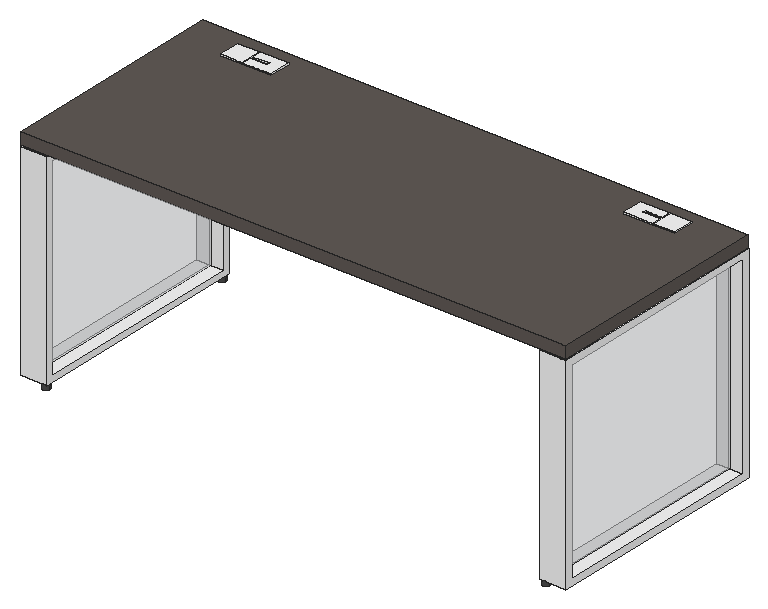
Revit family "Workstations-Multi_Level-Teknion-B_MDWF_Table_Desk_With_End_Panels_Frame_Legs-R2019", category Furniture, Revit 2019
Family settings
  OmniClass Number = 23.40.20.00
  OmniClass Title = General Furniture and Specialties
  Work Plane-Based = No
  Always vertical = Yes
  Cut with Voids When Loaded = No
  Shared = Yes
  Room Calculation Point = No
Parameters (values of type "1-9/16" Worksurface Thickness, Glass Infill")
  Worksurface Finish [instance] = Source Laminate - Teknion - DA - Espresso
  Width [instance] = 72.000"
  Warranty = "http://www.teknion.com/ca/papers/legal-canada"
  Unit Weight URL = "http://www.teknion.com/ca/tools/assets#&asset=bee6a381-b954-425e-8283-5a2de3a804f2,f828d448-4b62-4231-9e5f-9a8991c0ed77"
  URL = "www.teknion.com"
  Thickness = 1.555"
  Sustainability Data = "http://www.teknion.com/ca/tools/assets#&topic=216f99a5-57a0-44fc-b10a-9dee9b29ae4c&asset=444deb64-fe58-4b68-981e-f75e97781df7"
  Suspended Modesty Panel Options [instance] = "Select one of the options below."  # constant formula
  Suspended Modesty Panel Height Options [instance] = "Select one of the options below."  # constant formula
  Suspended Modesty Panel - Solid Finish [instance] = Veneer-Teknion-5T-Flintwood-White_Truffle (Long Grain)
  Suspended Modesty Panel - Solid [instance] = no
  Suspended Modesty Panel - Metal Finish [instance] = Paint-Teknion-20-T-Foundation-Atrium White
  Suspended Modesty Panel - Metal [instance] = no
  Suspended Modesty Panel - Glass Hardware Finish [instance] = Paint - Teknion - Mica - Very White
  Suspended Modesty Panel - Glass Finish [instance] = Glass - Teknion - FT - Frosted Glass
  Suspended Modesty Panel - Glass [instance] = no
  Suspended Modesty Panel - Felt Finish [instance] = Fabric-Teknion-RB13-Carrera
  Suspended Modesty Panel - Felt [instance] = no
  Solid Infill Finish [instance] = Source Laminate - Teknion - DA - Espresso
  Solid Infill = no
  Series = "Expansion Casegoods"  # constant formula
  Product Page URL = "http://www.teknion.com/ca/products/product-details?productlineid=0053336e-8e7a-673b-a6c8-ff00004460c4"
  Product Line = "Expansion Casegoods"  # constant formula
  Product Documentation Link #5 = "https://www.teknion.com/pricing/expansion-casegoods/pdfs/BASME_ppg.pdf"
  Product Documentation Link #4 = "https://www.teknion.com/pricing/expansion-casegoods/pdfs/BASMM_ppg.pdf"
  Product Documentation Link #3 = "https://www.teknion.com/pricing/expansion-casegoods/pdfs/BASMG_ppg.pdf"
  Product Documentation Link #2 = "https://www.teknion.com/pricing/expansion-casegoods/pdfs/BASML_ppg.pdf"
  Product Documentation Link = "https://www.teknion.com/pricing/expansion-casegoods/pdfs/B_MDWF_ppg.pdf"
  Part Number = "B_MDWF"  # constant formula
  Panel Height [instance] = if([6" Height Suspended Modesty Panel], 6.636", 10.009")  # 6.636"
  No Grommet Option [instance] = not([Has Both Ends - Rectangular])  # no
  Has Both Ends - Rectangular [instance] = yes
  Glass Infill Finish [instance] = Glass - Teknion - FT - Frosted Glass
  Glass Infill = not(Solid Infill)  # yes
  Base Finish [instance] = Mica - Teknion - V - Satin - Very White
  Available Widths [instance] = if(Thickness = 1.016", "54, 60, 66, or 72 inches.", "54, 60, 66, 72, 78, 84, or 90 inches.")  # "54, 60, 66, 72, 78, 84, or 90 inches."
  Available Grommet Options [instance] = "Select one of the options below."  # constant formula
  Available Depths [instance] = if(Thickness = 1.016", "24 or 30 inches.", "24, 30, or 36 inches.")  # "24, 30, or 36 inches."
  Model = "BXMDWFG_____"
  Manufacturer Phone = "416-661-3370"  # constant formula
  Manufacturer Fax = "416.661.4586"  # constant formula
  Manufacturer Contact Information = "http://www.teknion.com/ca/contactus"
  Manufacturer Address = "1150 Flint Road, Toronto, ON. M3J 2J5. Canada"  # constant formula
  Manufacturer = "Teknion"  # constant formula
  Has Modesty Panel [instance] = yes
  Grommet Finish [instance] = Mica - Teknion - V - Satin - Very White
  Description = "Table Desk with End Panels - Frame Legs, 1-9/16\" Worksurface Thickness, Glass Infill"
  Depth [instance] = 30.000"
  Assembly Code = "E2020200"
  6" Height Suspended Modesty Panel [instance] = yes
  10" Height Suspended Modesty Panel [instance] = not([6" Height Suspended Modesty Panel])  # no
Types (6): name | Thickness | Solid Infill | Glass Infill | Available Widths | Available Depths | Model | Description
  1-3/16" Worksurface Thickness, Solid Infill | 1.18898" | yes | no | "54, 60, 66, 72, 78, 84, or 90 inches." | "24, 30, or 36 inches." | "BMMDWFL_____" | "Table Desk with End Panels - Frame Legs, 1-3/16\" Worksurface Thickness, Solid Infill"
  1" Worksurface Thickness, Solid Infill | 1.016" | yes | no | "54, 60, 66, or 72 inches." | "24 or 30 inches." | "BDMDWFL_____" | "Table Desk with End Panels - Frame Legs, 1\" Worksurface Thickness, Solid Infill"
  1-9/16" Worksurface Thickness, Solid Infill | 1.555" | yes | no | "54, 60, 66, 72, 78, 84, or 90 inches." | "24, 30, or 36 inches." | "BXMDWFL_____" | "Table Desk with End Panels - Frame Legs, 1-9/16\" Worksurface Thickness, Solid Infill"
  1" Worksurface Thickness, Glass Infill | 1.016" | no | yes | "54, 60, 66, or 72 inches." | "24 or 30 inches." | "BDMDWFG_____" | "Table Desk with End Panels - Frame Legs, 1\" Worksurface Thickness, Glass Infill"
  1-3/16" Worksurface Thickness, Glass Infill | 1.18898" | no | yes | "54, 60, 66, 72, 78, 84, or 90 inches." | "24, 30, or 36 inches." | "BMMDWFG_____" | "Table Desk with End Panels - Frame Legs, 1-3/16\" Worksurface Thickness, Glass Infill"
  1-9/16" Worksurface Thickness, Glass Infill | 1.555" | no | yes | "54, 60, 66, 72, 78, 84, or 90 inches." | "24, 30, or 36 inches." | "BXMDWFG_____" | "Table Desk with End Panels - Frame Legs, 1-9/16\" Worksurface Thickness, Glass Infill"
Reference planes (in)
  plane 1 "Center Front/Back": y = 0
  plane 2: z = 0
  plane 3 "Center Left/Right": x = 0
  plane 4 "Left": x = -36
  plane 5 "Right": x = 36
  plane 6 "Back": y = 15
  plane 7 "Front": y = -15
  plane 8 "Top": z = 27.80709
  plane 9: z = 29.36209
  plane 10: z = 27.61959
  plane 11: z = 0.60236
  plane 12: x = -32.59449
  plane 13: x = -35.8622
  plane 14: x = -32.45669
  plane 15: x = 32.59449
  plane 16: x = 35.86221
  plane 17: x = 32.45669
  plane 18: x = -30
  plane 19: z = 26.61811
  plane 20: z = 29.51957
  plane 21 "Center L/S": y = 8.49213
  plane 22: x = 30
  plane 23: z = 21.17109
Forms (in)
  Extrusion 1, solid, material "Source Laminate - Teknion - DA - Espresso" <- "Worksurface Finish"
    sketch origin (-51, -180, 27.80709) x (-1, 0, 0) y (0, -1, 0)
      loop
        line (-15, -195) -> (-15, -165) -> (-87, -165) -> (-87, -195) -> (-15, -195)
    from 0 to 1.555
  Extrusion 2, solid, material "Mica - Teknion - V - Satin - Very White" <- "Base Finish"
    sketch origin (-36, 0, 0) x (0, -1, 0) y (0, 0, -1)
      loop
        line (14.8622, -27.80709) -> (14.8622, -27.61959) -> (7.81496, -27.61959) -> (7.81496, -27.80709) -> (14.8622, -27.80709)
    from 0.1378 to 3.40551
  Extrusion 3, solid, material "Mica - Teknion - V - Satin - Very White" <- "Base Finish"
    sketch origin (-36, 0, 0) x (0, 1, 0) y (0, 0, 1)
      loop
        line (14.8622, 27.80709) -> (7.81496, 27.80709) -> (7.81496, 27.61959) -> (14.8622, 27.61959) -> (14.8622, 27.80709)
    from 0.1378 to 3.40551
  Extrusion 4, solid, material "Mica - Teknion - V - Satin - Very White" <- "Base Finish"
    sketch origin (-36, 0, 0) x (0, 1, 0) y (0, 0, 1)
      loop
        line (15, 0.60236) -> (15, 27.61959) -> (-15, 27.61959) -> (-15, 0.60236) -> (15, 0.60236)
      loop
        line (14.17323, 26.79281) -> (-14.17323, 26.79281) -> (-14.17323, 1.42913) -> (14.17323, 1.42913) -> (14.17323, 26.79281)
    from 0 to 3.54331
  Extrusion 5, solid, material "Mica - Teknion - V - Satin - Very White" <- "Base Finish"
    sketch origin (27, 0, 0) x (0, -1, 0) y (0, 0, 1)
      loop
        line (14.8622, 27.80709) -> (7.81496, 27.80709) -> (7.81496, 27.61959) -> (14.8622, 27.61959) -> (14.8622, 27.80709)
    from -8.86221 to -5.59449
  Extrusion 6, solid, material "Mica - Teknion - V - Satin - Very White" <- "Base Finish"
    sketch origin (27, 0, 0) x (0, 1, 0) y (0, 0, -1)
      loop
        line (14.8622, -27.80709) -> (14.8622, -27.61959) -> (7.81496, -27.61959) -> (7.81496, -27.80709) -> (14.8622, -27.80709)
    from -8.86221 to -5.59449
  Extrusion 7, solid, material "Mica - Teknion - V - Satin - Very White" <- "Base Finish"
    sketch origin (27, 0, 0) x (0, 1, 0) y (0, 0, -1)
      loop
        line (15, -0.60236) -> (-15, -0.60236) -> (-15, -27.61959) -> (15, -27.61959) -> (15, -0.60236)
      loop
        line (14.17323, -26.79281) -> (14.17323, -1.42913) -> (-14.17323, -1.42913) -> (-14.17323, -26.79281) -> (14.17323, -26.79281)
    from -9 to -5.45669
  Extrusion 8, solid, material "Plastic - Teknion - E - Ebony"
    sketch origin (0, 0, 0) x (1, 0, 0) y (0, 1, 0)
      loop
        circle (-32.9685, 14.50787) r 0.5
    from 0 to 0.60236
  Extrusion 9, solid, material "Plastic - Teknion - E - Ebony"
    sketch origin (0, 0, 0) x (-1, 0, 0) y (0, -1, 0)
      loop
        circle (-32.96851, -14.50787) r 0.5
    from 0 to 0.60236
  Extrusion 10, solid, material "Plastic - Teknion - E - Ebony"
    sketch origin (0, 0, 0) x (1, 0, 0) y (0, 1, 0)
      loop
        circle (-32.9685, -14.50787) r 0.5
    from 0 to 0.60236
  Extrusion 11, solid, material "Plastic - Teknion - E - Ebony"
    sketch origin (0, 0, 0) x (-1, 0, 0) y (0, -1, 0)
      loop
        circle (-32.96851, 14.50787) r 0.5
    from 0 to 0.60236
  Extrusion 12, solid, material "Mica - Teknion - V - Satin - Very White" <- "Grommet Finish", visible <- "Has Both Ends - Rectangular"
    sketch origin (-26.88189, -180, 29.36209) x (-1, 0, 0) y (0, -1, 0)
      loop
        line (3.03582, -190.42836) -> (0.18859, -190.42836) -> (0.18859, -193.27243) -> (3.03582, -193.27243) -> (3.03582, -190.42836)
    from 0 to 0.15748
  Extrusion 13, solid, material "Mica - Teknion - V - Satin - Very White" <- "Grommet Finish", visible <- "Has Both Ends - Rectangular"
    sketch origin (-26.88189, -180, 29.36209) x (-1, 0, 0) y (0, -1, 0)
      loop
        line (0.18859, -190.42836) -> (-3.6185, -190.42836) -> (-3.6185, -193.27243) -> (0.18859, -193.27243) -> (0.18859, -192.06307) -> (-2.09101, -192.06307) -> (-2.09101, -191.63772) -> (0.18859, -191.63772) -> (0.18859, -190.42836)
    from 0 to 0.15748
  Extrusion 14, solid, material "Mica - Teknion - V - Satin - Very White" <- "Grommet Finish", visible <- "Has Both Ends - Rectangular"
    sketch origin (-26.88189, -180, 29.36209) x (-1, 0, 0) y (0, -1, 0)
      loop
        line (-56.7996, -190.42836) -> (-56.7996, -193.27243) -> (-53.95237, -193.27243) -> (-53.95237, -190.42836) -> (-56.7996, -190.42836)
    from 0 to 0.15748
  Extrusion 15, solid, material "Mica - Teknion - V - Satin - Very White" <- "Grommet Finish", visible <- "Has Both Ends - Rectangular"
    sketch origin (-26.88189, -180, 29.36209) x (-1, 0, 0) y (0, -1, 0)
      loop
        line (-53.95237, -190.42836) -> (-53.95237, -191.63772) -> (-51.67277, -191.63772) -> (-51.67277, -192.06307) -> (-53.95237, -192.06307) -> (-53.95237, -193.27243) -> (-50.14528, -193.27243) -> (-50.14528, -190.42836) -> (-53.95237, -190.42836)
    from 0 to 0.15748
  Sweep 16, solid, material "Veneer-Teknion-5T-Flintwood-White_Truffle (Long Grain)" <- "Suspended Modesty Panel - Solid Finish", visible <- "Suspended Modesty Panel - Solid"
    path origin (25.03893, 25.28208, -0.36198) x (1, 0, 0) y (0, 1, 0)
      loop
        line (-55.03893, -33.24036) -> (4.96107, -33.24036)
    profile origin (0, -7.95829, -0.36198) x (0, 1, 0) y (0, 0, 1)
      loop
        line (16.95829, 28.16906) -> (15.94254, 28.16906) -> (15.94254, 21.53306) -> (16.95829, 21.53306) -> (16.95829, 28.16906)
  Sweep 17, solid, material "Paint - Teknion - Foundation - Ebony", visible <- "Suspended Modesty Panel - Felt"
    path origin (-10.59873, -14.57779, -0.36198) x (-1, 0, 0) y (0, -1, 0)
      loop
        line (-40.59873, -6.6205) -> (19.40127, -6.6205)
    profile origin (0, -7.95729, -0.36198) x (0, -1, 0) y (0, 0, 1)
      loop
        line (-16.68269, 21.53306) -> (-16.63545, 21.53306) -> (-16.63545, 28.12153) -> (-16.09214, 28.12153) -> (-16.09214, 27.53885) -> (-16.0449, 27.53885) -> (-16.0449, 28.16877) -> (-16.68269, 28.16877) -> (-16.68269, 21.53306)
  Sweep 18, solid, material "Fabric-Teknion-RB13-Carrera" <- "Suspended Modesty Panel - Felt Finish", visible <- "Suspended Modesty Panel - Felt"
    path origin (-10.59873, -14.57779, -0.36198) x (-1, 0, 0) y (0, -1, 0)
      loop
        line (-40.59873, -6.6205) -> (19.40127, -6.6205)
    profile origin (0, -7.95729, -0.36198) x (0, -1, 0) y (0, 0, 1)
      loop
        line (-16.35986, 27.57805) -> (-16.63545, 27.57805) -> (-16.63545, 21.53306) -> (-16.35986, 21.53306) -> (-16.35986, 27.57805)
      loop
        line (-16.68269, 21.53306) -> (-16.68269, 27.57805) -> (-16.95829, 27.57805) -> (-16.95829, 21.53306) -> (-16.68269, 21.53306)
  Sweep 19, solid, material "Glass - Teknion - FT - Frosted Glass" <- "Suspended Modesty Panel - Glass Finish", visible <- "Suspended Modesty Panel - Glass"
    path origin (-12.09873, -14.57779, -0.36198) x (-1, 0, 0) y (0, -1, 0)
      loop
        line (-42.09873, -6.6205) -> (17.90127, -6.6205)
    profile origin (0, -7.95729, -0.36198) x (0, -1, 0) y (0, 0, 1)
      loop
        line (-16.72207, 28.16906) -> (-16.95829, 28.16906) -> (-16.95829, 21.53306) -> (-16.72207, 21.53306) -> (-16.72207, 28.16906)
  Sweep 20, solid, material "Paint - Teknion - Mica - Very White" <- "Suspended Modesty Panel - Glass Hardware Finish", visible <- "Suspended Modesty Panel - Glass"
    path origin (-12.09873, -14.57779, -0.36198) x (-1, 0, 0) y (0, -1, 0)
      loop
        line (-42.09873, -6.6205) -> (17.90127, -6.6205)
    profile origin (0, -7.95729, -0.36198) x (0, -1, 0) y (0, 0, 1)
      loop
        line (-16.3323, 28.0546) -> (-16.72207, 28.0546) -> (-16.72207, 26.86562) -> (-16.3323, 26.86562) -> (-16.3323, 28.0546)
  Sweep 21, solid, material "Paint-Teknion-20-T-Foundation-Atrium White" <- "Suspended Modesty Panel - Metal Finish", visible <- "Suspended Modesty Panel - Metal"
    path origin (25.03893, 25.28208, -0.36198) x (1, 0, 0) y (0, 1, 0)
      loop
        line (-55.03893, -30.24036) -> (4.96107, -30.24036)
    profile origin (0, -4.95829, -0.36198) x (0, 1, 0) y (0, 0, 1)
      loop
        line (13.95829, 28.16906) -> (12.94254, 28.16906) -> (12.94254, 21.53306) -> (13.95829, 21.53306) -> (13.95829, 28.16906)
  Sweep 22, void
    path origin (6.49572, 7.49234, 0) x (1, 0, 0) y (0, 1, 0)
      loop
        line (23.90555, 0.49192) -> (23.90555, 1.45966)
    profile origin (30.40127, 8.46813, 0) x (-1, 0, 0) y (0, 0, 1)
      loop
        line (59.25727, 26.03548) -> (1.54527, 26.03548) -> (1.54527, 22.43093) -> (59.25727, 22.43093) -> (59.25727, 26.03548)
  Sweep 23, solid, material "Source Laminate - Teknion - DA - Espresso" <- "Solid Infill Finish", visible <- "Solid Infill"
    path origin (0, 0, 0) x (1, 0, 0) y (0, 0, 1)
      loop
        line (0, 1.42913) -> (0, 26.79281)
    profile origin (0, 0, 14.11097) x (-1, 0, 0) y (0, -1, 0)
      loop
        line (34.57874, -14.17323) -> (34.57874, 14.17323) -> (33.87795, 14.17323) -> (33.87795, -14.17323) -> (34.57874, -14.17323)
      loop
        line (-33.87795, -14.17323) -> (-33.87795, 14.17323) -> (-34.57874, 14.17323) -> (-34.57874, -14.17323) -> (-33.87795, -14.17323)
  Sweep 24, solid, material "Glass - Teknion - FT - Frosted Glass" <- "Glass Infill Finish", visible <- "Glass Infill"
    path origin (0, 0, 0) x (1, 0, 0) y (0, 0, 1)
      loop
        line (0, 1.42913) -> (0, 26.79281)
    profile origin (0, 0, 14.11097) x (-1, 0, 0) y (0, -1, 0)
      loop
        line (34.30709, -14.17323) -> (34.30709, 14.17323) -> (34.14961, 14.17323) -> (34.14961, -14.17323) -> (34.30709, -14.17323)
      loop
        line (-34.30709, -14.17323) -> (-34.14961, -14.17323) -> (-34.14961, 14.17323) -> (-34.30709, 14.17323) -> (-34.30709, -14.17323)
Cuts and joins
  Sweep 22 cuts Sweep 21
Lines and regions (in)
  Masking region 1
    outline origin (0, 0, 0) x (1, 0, 0) y (0, 1, 0)
      loop
        line (-36, 15) -> (-36, -15) -> (36, -15) -> (36, 15) -> (-36, 15)
  symbolic lines, style "FurnitureHiddenLines", detail levels medium+fine
    curve 1: line (-32.45669, -15, 0) -> (-32.45669, 15, 0)
    curve 2: line (32.45669, 15, 0) -> (32.45669, -15, 0)
    curve 77: line (32.45669, 14.17323, 0) -> (36, 14.17323, 0)
    curve 78: line (36, -14.17323, 0) -> (32.45669, -14.17323, 0)
    curve 79: line (-32.45669, -14.17323, 0) -> (-36, -14.17323, 0)
    curve 80: line (-36, 14.17323, 0) -> (-32.45669, 14.17323, 0)
  symbolic lines, style "FurnitureHiddenLines", detail levels fine
    curve 3: arc (-33.4685, 14.50787, 0) -> (-32.9685, 14.00787, 0) -> (-32.4685, 14.50787, 0) r 0.5
    curve 4: arc (-32.4685, 14.50787, 0) -> (-32.9685, 15.00787, 0) -> (-33.4685, 14.50787, 0) r 0.5
    curve 5: arc (-32.4685, -14.50787, 0) -> (-32.9685, -14.00787, 0) -> (-33.4685, -14.50787, 0) r 0.5
    curve 6: arc (-33.4685, -14.50787, 0) -> (-32.9685, -15.00787, 0) -> (-32.4685, -14.50787, 0) r 0.5
    curve 7: arc (33.46851, -14.50787, 0) -> (32.96851, -14.00787, 0) -> (32.46851, -14.50787, 0) r 0.5
    curve 8: arc (32.46851, -14.50787, 0) -> (32.96851, -15.00787, 0) -> (33.46851, -14.50787, 0) r 0.5
    curve 9: arc (33.46851, 14.50787, 0) -> (32.96851, 15.00787, 0) -> (32.46851, 14.50787, 0) r 0.5
    curve 10: arc (32.46851, 14.50787, 0) -> (32.96851, 14.00787, 0) -> (33.46851, 14.50787, 0) r 0.5
    curve 11: line (-35.8622, 7.81496, 0) -> (-32.59449, 7.81496, 0)
    curve 12: line (-32.59449, 7.81496, 0) -> (-32.59449, 14.8622, 0)
    curve 13: line (-32.59449, 14.8622, 0) -> (-35.8622, 14.8622, 0)
    curve 14: line (-35.8622, 14.8622, 0) -> (-35.8622, 7.81496, 0)
    curve 15: line (-32.59449, -7.81496, 0) -> (-35.8622, -7.81496, 0)
    curve 16: line (-35.8622, -7.81496, 0) -> (-35.8622, -14.8622, 0)
    curve 17: line (-35.8622, -14.8622, 0) -> (-32.59449, -14.8622, 0)
    curve 18: line (-32.59449, -14.8622, 0) -> (-32.59449, -7.81496, 0)
    curve 19: line (35.86221, -7.81496, 0) -> (32.59449, -7.81496, 0)
    curve 20: line (32.59449, -7.81496, 0) -> (32.59449, -14.8622, 0)
    curve 21: line (32.59449, -14.8622, 0) -> (35.86221, -14.8622, 0)
    curve 22: line (35.86221, -14.8622, 0) -> (35.86221, -7.81496, 0)
    curve 23: line (32.59449, 7.81496, 0) -> (35.86221, 7.81496, 0)
    curve 24: line (35.86221, 7.81496, 0) -> (35.86221, 14.8622, 0)
    curve 25: line (35.86221, 14.8622, 0) -> (32.59449, 14.8622, 0)
    curve 26: line (32.59449, 14.8622, 0) -> (32.59449, 7.81496, 0)
  symbolic lines, visible <- "Has Both Ends - Rectangular"
    curve 27: line (-27.07048, 13.27243, 0) -> (-29.91771, 13.27243, 0)
    curve 28: line (-27.07048, 10.42836, 0) -> (-27.07048, 13.27243, 0)
    curve 29: line (-29.91771, 13.27243, 0) -> (-29.91771, 10.42836, 0)
    curve 30: line (-29.91771, 10.42836, 0) -> (-27.07048, 10.42836, 0)
    curve 31: line (-27.07048, 10.42836, 0) -> (-23.26339, 10.42836, 0)
    curve 32: line (-23.26339, 10.42836, 0) -> (-23.26339, 13.27243, 0)
    curve 33: line (-23.26339, 13.27243, 0) -> (-27.07048, 13.27243, 0)
    curve 34: line (-27.07048, 12.06307, 0) -> (-24.79088, 12.06307, 0)
    curve 35: line (-24.79088, 12.06307, 0) -> (-24.79088, 11.63772, 0)
    curve 36: line (-24.79088, 11.63772, 0) -> (-27.07048, 11.63772, 0)
    curve 37: line (27.07048, 13.27243, 0) -> (23.26339, 13.27243, 0)
    curve 38: line (29.91771, 13.27243, 0) -> (27.07048, 13.27243, 0)
    curve 39: line (29.91771, 10.42836, 0) -> (29.91771, 13.27243, 0)
    curve 40: line (27.07048, 10.42836, 0) -> (29.91771, 10.42836, 0)
    curve 41: line (23.26339, 10.42836, 0) -> (27.07048, 10.42836, 0)
    curve 42: line (23.26339, 13.27243, 0) -> (23.26339, 10.42836, 0)
    curve 43: line (24.79088, 12.06307, 0) -> (27.07048, 12.06307, 0)
    curve 44: line (24.79088, 11.63772, 0) -> (24.79088, 12.06307, 0)
    curve 45: line (27.07048, 11.63772, 0) -> (24.79088, 11.63772, 0)
    curve 46: line (27.07048, 13.27243, 0) -> (27.07048, 10.42836, 0)
  reference lines, not visible
    curve 47: line (-36, 15, 0) -> (36, 15, 0)
    curve 48: line (-36, 15, 0) -> (-36, -15, 0)
    curve 49: line (-36, -15, 0) -> (36, -15, 0)
    curve 50: line (36, 15, 0) -> (36, -15, 0)
  symbolic lines, style "FurnitureHiddenLines", visible <- "Suspended Modesty Panel - Metal", detail levels fine
    curve 51: line (-28.8563, 8.952, 0) -> (-28.8563, 7.98425, 0)
    curve 52: line (28.856, 8.952, 0) -> (-28.8563, 8.952, 0)
    curve 53: line (28.856, 7.98425, 0) -> (28.856, 8.952, 0)
  symbolic lines, style "FurnitureHiddenLines", visible <- "Suspended Modesty Panel - Solid", detail levels medium+fine
    curve 54: line (-30, 7.98425, 0) -> (30, 7.98425, 0)
    curve 59: line (-30, 7.98425, 0) -> (-30, 9, 0)
    curve 60: line (30, 7.98425, 0) -> (30, 9, 0)
    curve 61: line (-30, 7.98425, 0) -> (30, 7.98425, 0)
    curve 62: line (30, 9, 0) -> (-30, 9, 0)
  symbolic lines, style "FurnitureHiddenLines", visible <- "Suspended Modesty Panel - Metal", detail levels medium+fine
    curve 55: line (-30, 7.98425, 0) -> (-30, 9, 0)
    curve 56: line (30, 9, 0) -> (-30, 9, 0)
    curve 57: line (-30, 7.98425, 0) -> (30, 7.98425, 0)
    curve 58: line (30, 7.98425, 0) -> (30, 9, 0)
  symbolic lines, style "FurnitureHiddenLines", visible <- "Suspended Modesty Panel - Felt", detail levels medium+fine
    curve 63: line (-30, 9.001, 0) -> (-30, 8.08761, 0)
    curve 64: line (30, 9.001, 0) -> (-30, 9.001, 0)
    curve 65: line (30, 9.001, 0) -> (30, 8.08761, 0)
    curve 66: line (-30, 8.08761, 0) -> (30, 8.08761, 0)
  symbolic lines, style "FurnitureHiddenLines", visible <- "Suspended Modesty Panel - Felt", detail levels fine
    curve 67: line (30, 8.72541, 0) -> (-30, 8.72541, 0)
    curve 68: line (-30, 8.67817, 0) -> (30, 8.67817, 0)
    curve 69: line (-30, 8.40257, 0) -> (30, 8.40257, 0)
  symbolic lines, style "FurnitureHiddenLines", visible <- "Suspended Modesty Panel - Glass", detail levels medium+fine
    curve 70: line (30, 9.001, 0) -> (-30, 9.001, 0)
    curve 71: line (30, 9.001, 0) -> (-30, 9.001, 0)
    curve 72: line (-30, 8.76478, 0) -> (30, 8.76478, 0)
    curve 73: line (30, 9.001, 0) -> (30, 8.76478, 0)
    curve 74: line (30, 8.76478, 0) -> (30, 8.37502, 0)
    curve 75: line (-30, 8.37502, 0) -> (30, 8.37502, 0)
    curve 76: line (-30, 8.76478, 0) -> (-30, 8.37502, 0)
    curve 89: line (-30, 9.001, 0) -> (-30, 8.37502, 0)
  symbolic lines, style "FurnitureHiddenLines", visible <- "Solid Infill", detail levels medium+fine
    curve 81: line (-34.57874, 14.17323, 0) -> (-34.57874, -14.17323, 0)
    curve 82: line (-33.87795, -14.17323, 0) -> (-33.87795, 14.17323, 0)
    curve 83: line (33.87795, 14.17323, 0) -> (33.87795, -14.17323, 0)
    curve 84: line (34.57874, -14.17323, 0) -> (34.57874, 14.17323, 0)
  symbolic lines, style "FurnitureHiddenLines", visible <- "Glass Infill", detail levels medium+fine
    curve 85: line (-34.30709, 14.17323, 0) -> (-34.30709, -14.17323, 0)
    curve 86: line (-34.14961, -14.17323, 0) -> (-34.14961, 14.17323, 0)
    curve 87: line (34.30709, -14.17323, 0) -> (34.30709, 14.17323, 0)
    curve 88: line (34.14961, 14.17323, 0) -> (34.14961, -14.17323, 0)
Dimensions and locks (in)
  equal spacing: plane 4 "Left", plane 3 "Center Left/Right", plane 5 "Right"
  equal spacing: plane 6 "Back", plane 1 "Center Front/Back", plane 7 "Front"
  locked: plane 8 "Top" to level at 27.80709
  "Depth": plane 6 "Back" to plane 7 "Front"
  "Width": plane 4 "Left" to plane 5 "Right"
  "Thickness": plane 9 to plane 8 "Top"
  locked: plane 8 "Top" to plane 10 at 0.1875
  locked: plane 11 to plane 2 at 0.60236
  plane 7 "Front" to Extrusion 2 sketch curve to Extrusion 2 sketch curve = 0.1378" locked, 7.04724" locked
  plane 4 "Left" to plane 13 to plane 12 to plane 14 to plane 18 = 0.1378" locked, 3.26772" locked, 0.1378" locked, 2.45669" locked
  plane 6 "Back" to Extrusion 3 sketch curve to Extrusion 3 sketch curve = 0.1378" locked, 7.04724" locked
  locked: Extrusion 4 sketch curve to plane 10 at 0.82677
  locked: plane 6 "Back" to Extrusion 4 sketch curve at 0.82677
  locked: Extrusion 4 sketch curve to plane 7 "Front" at 0.82677
  locked: Extrusion 4 sketch curve to plane 11 at 0.82677
  plane 7 "Front" to Extrusion 5 sketch curve to Extrusion 5 sketch curve = 0.1378" locked, 7.04724" locked
  plane 6 "Back" to Extrusion 6 sketch curve to Extrusion 6 sketch curve = 0.1378" locked, 7.04724" locked
  plane 22 to plane 17 to plane 15 to plane 16 to plane 5 "Right" = 2.45669" locked, 0.1378" locked, 3.26772" locked, 0.13779" locked
  locked: plane 6 "Back" to Extrusion 8 sketch curve at 0.49213
  locked: plane 4 "Left" to Extrusion 8 sketch curve at 3.0315
  locked: plane 6 "Back" to Extrusion 9 sketch curve at 0.49213
  locked: Extrusion 9 sketch curve to plane 5 "Right" at 3.03149
  locked: plane 7 "Front" to Extrusion 10 sketch curve at 0.49213
  locked: plane 4 "Left" to Extrusion 10 sketch curve at 3.0315
  locked: plane 7 "Front" to Extrusion 11 sketch curve at 0.49213
  locked: Extrusion 11 sketch curve to plane 5 "Right" at 3.03149
  locked: Extrusion 7 sketch curve to plane 11 at 0.82677
  locked: Extrusion 7 sketch curve to plane 6 "Back" at 0.82677
  locked: plane 7 "Front" to Extrusion 7 sketch curve at 0.82677
  locked: Extrusion 7 sketch curve to plane 10 at 0.82677
  locked: plane 10 to plane 19 at 1.00148
  plane 4 "Left" to Extrusion 12 sketch curve to Extrusion 12 sketch curve = 6.08229" locked, 2.84723" locked
  plane 6 "Back" to Extrusion 12 sketch curve to Extrusion 12 sketch curve = 1.72757" locked, 2.84406" locked
  plane 4 "Left" to Extrusion 13 sketch curve to Extrusion 13 sketch curve to Extrusion 13 sketch curve to Extrusion 13 sketch curve = 8.92952" locked, 0.000" locked, 2.2796" locked, 1.52748" locked
  Extrusion 13 sketch curve to Extrusion 13 sketch curve to Extrusion 13 sketch curve to Extrusion 13 sketch curve to plane 6 "Back" = 1.20936" locked, 0.42535" locked, 1.20936" locked, 1.72757" locked
  plane 5 "Right" to Extrusion 14 sketch curve to Extrusion 14 sketch curve = 6.08229" locked, 2.84723" locked
  Extrusion 14 sketch curve to Extrusion 14 sketch curve to plane 6 "Back" = 2.84406" locked, 1.72757" locked
  plane 5 "Right" to Extrusion 15 sketch curve to Extrusion 15 sketch curve to Extrusion 15 sketch curve to Extrusion 15 sketch curve = 8.92952" locked, 0.000" locked, 2.2796" locked, 1.52748" locked
  plane 6 "Back" to Extrusion 15 sketch curve to Extrusion 15 sketch curve to Extrusion 15 sketch curve to Extrusion 15 sketch curve = 1.72757" locked, 1.20936" locked, 0.42535" locked, 1.20936" locked
  locked: plane 20 to plane 9 at 0.15748
  plane 8 "Top" to Sweep 17 sketch curve to Sweep 17 sketch curve to Sweep 17 sketch curve = 0.00029" locked, 0.04724" locked, 0.58268" locked
  Sweep 17 sketch curve to Sweep 17 sketch curve to plane 21 "Center L/S" to Sweep 17 sketch curve to Sweep 17 sketch curve = 0.04724" locked, 0.35727" locked, 0.18604" locked, 0.04724" locked
  plane 10 to Sweep 18 sketch curve to Sweep 18 sketch curve = 0.40352" locked, 0.000" locked
  Sweep 20 sketch curve to plane 21 "Center L/S" to Sweep 20 sketch curve = 0.11711" locked, 0.27265" locked
  plane 8 "Top" to Sweep 20 sketch curve to Sweep 20 sketch curve = 0.11446" locked, 1.18898" locked
  Sweep 16 sketch curve to plane 21 "Center L/S" to Sweep 16 sketch curve = 0.50787" locked, 0.50787" locked
  Sweep 18 sketch curve to Sweep 18 sketch curve to Sweep 18 sketch curve to plane 21 "Center L/S" to Sweep 18 sketch curve = 0.27559" locked, 0.04724" locked, 0.18604" locked, 0.08955" locked
  plane 21 "Center L/S" to Sweep 19 sketch curve to Sweep 19 sketch curve = 0.27265" locked, 0.23622" locked
  locked: plane 22 to Sweep 22 sketch curve at 1.144
  curve 71 to curve 72 to plane 21 "Center L/S" to curve 75 = 0.23622" locked, 0.27265" locked, 0.11711" locked
  Sweep 22 sketch curve to plane 21 "Center L/S" to Sweep 22 sketch curve = 0.45987" locked, 0.50787" locked
  locked: Sweep 22 sketch curve to Sweep 21 at 1.25984
  locked: plane 6 "Back" to plane 21 "Center L/S" at 6.50787
  "Panel Height": plane 8 "Top" to plane 23
  Sweep 21 sketch curve to plane 21 "Center L/S" to Sweep 21 sketch curve = 0.50787" locked, 0.50787" locked
  locked: Sweep 22 sketch curve to plane 18 at 1.144
  locked: plane 8 "Top" to Sweep 22 sketch curve at 1.77161
  Sweep 23 sketch curve to Sweep 23 sketch curve to level = 25.36368" locked, 1.42913" locked
  plane 4 "Left" to Sweep 23 sketch curve to Sweep 23 sketch curve = 1.42126" locked, 0.70079" locked
  Sweep 23 sketch curve to Sweep 23 sketch curve to plane 5 "Right" = 0.70079" locked, 1.42126" locked
  plane 6 "Back" to Sweep 23 sketch curve to Sweep 23 sketch curve = 0.82677" locked, 0.000" locked
  plane 7 "Front" to Sweep 23 sketch curve to Sweep 23 sketch curve = 0.82677" locked, 0.000" locked
  Sweep 24 sketch curve to Sweep 24 sketch curve to level = 25.36368" locked, 1.42913" locked
  plane 4 "Left" to Sweep 24 sketch curve to Sweep 24 sketch curve = 1.69291" locked, 0.15748" locked
  Sweep 24 sketch curve to Sweep 24 sketch curve to plane 5 "Right" = 0.15748" locked, 1.69291" locked
  plane 7 "Front" to Sweep 24 sketch curve to Sweep 24 sketch curve = 0.82677" locked, 0.000" locked
  plane 6 "Back" to Sweep 24 sketch curve to Sweep 24 sketch curve = 0.82677" locked, 0.000" locked
  aligned and locked: level to plane 2
  aligned and locked: Extrusion 1 sketch curve to plane 6 "Back"
  aligned and locked: Extrusion 1 sketch curve to plane 4 "Left"
  aligned and locked: plane 7 "Front" to Extrusion 1 sketch curve
  aligned and locked: plane 5 "Right" to Extrusion 1 sketch curve
  aligned and locked: Extrusion 1 to plane 9
  aligned and locked: Extrusion 1 to plane 8 "Top"
  aligned and locked: plane 8 "Top" to Extrusion 2 sketch curve
  aligned and locked: plane 10 to Extrusion 2 sketch curve
  aligned and locked: Extrusion 2 to plane 12
  aligned and locked: plane 13 to Extrusion 2
  aligned and locked: Extrusion 3 sketch curve to plane 10
  aligned and locked: Extrusion 3 sketch curve to plane 8 "Top"
  aligned and locked: Extrusion 3 to plane 12
  aligned and locked: plane 13 to Extrusion 3
  aligned and locked: plane 6 "Back" to Extrusion 4 sketch curve
  aligned and locked: plane 10 to Extrusion 4 sketch curve
  aligned and locked: Extrusion 4 sketch curve to plane 7 "Front"
  aligned and locked: plane 11 to Extrusion 4 sketch curve
  aligned and locked: plane 14 to Extrusion 4
  aligned and locked: Extrusion 4 to plane 4 "Left"
  aligned and locked: plane 15 to Extrusion 5  (x2)
  aligned and locked: Extrusion 5 to plane 16  (x2)
  aligned and locked: plane 15 to Extrusion 6  (x3)
  aligned and locked: Extrusion 6 to plane 16  (x3)
  aligned and locked: Extrusion 7 to plane 17  (x2)
  aligned and locked: Extrusion 1 to plane 5 "Right"  (x2)
  aligned and locked: Extrusion 7 to plane 5 "Right"
  aligned and locked: plane 8 "Top" to Extrusion 5
  aligned and locked: plane 10 to Extrusion 5
  aligned and locked: plane 8 "Top" to Extrusion 6
  aligned and locked: plane 10 to Extrusion 6
  aligned and locked: Extrusion 8 to plane 2
  aligned and locked: plane 11 to Extrusion 8
  aligned and locked: plane 11 to Extrusion 10
  aligned and locked: Extrusion 10 to plane 11
  aligned and locked: Extrusion 11 to plane 11
  aligned and locked: Extrusion 9 to plane 11
  aligned and locked: Extrusion 10 to plane 2
  aligned and locked: plane 2 to Extrusion 10
  aligned and locked: Extrusion 11 to plane 2
  aligned and locked: Extrusion 9 to plane 2
  aligned and locked: Masking region 1 sketch curve to plane 4 "Left"
  aligned and locked: Masking region 1 sketch curve to plane 6 "Back"
  aligned and locked: plane 5 "Right" to Masking region 1 sketch curve
  aligned and locked: plane 7 "Front" to Masking region 1 sketch curve
  aligned and locked: curve 3 to Extrusion 8
  aligned and locked: curve 4 to Extrusion 8
  aligned and locked: curve 5 to Extrusion 10
  aligned and locked: curve 6 to Extrusion 10
  aligned and locked: curve 7 to Extrusion 11
  aligned and locked: curve 8 to Extrusion 11
  aligned and locked: curve 9 to Extrusion 9
  aligned and locked: curve 10 to Extrusion 9
  aligned and locked: curve 11 to Extrusion 3
  aligned and locked: curve 12 to Extrusion 3
  aligned and locked: curve 13 to Extrusion 3
  aligned and locked: curve 14 to Extrusion 3
  aligned and locked: curve 15 to Extrusion 2
  aligned and locked: curve 16 to Extrusion 2
  aligned and locked: curve 17 to Extrusion 2
  aligned and locked: curve 18 to Extrusion 2
  aligned and locked: curve 19 to Extrusion 5
  aligned and locked: curve 20 to Extrusion 5
  aligned and locked: curve 21 to Extrusion 5
  aligned and locked: curve 22 to Extrusion 5
  aligned and locked: curve 23 to Extrusion 6
  aligned and locked: curve 24 to Extrusion 6
  aligned and locked: curve 25 to Extrusion 6
  aligned and locked: curve 26 to Extrusion 6
  aligned and locked: Extrusion 7 sketch curve to plane 7 "Front"
  aligned and locked: plane 10 to Extrusion 7 sketch curve
  aligned and locked: plane 6 "Back" to Extrusion 7 sketch curve
  aligned and locked: plane 11 to Extrusion 7 sketch curve
  aligned and locked: curve 27 to Extrusion 12
  aligned and locked: curve 28 to Extrusion 12
  aligned and locked: curve 29 to Extrusion 12
  aligned and locked: curve 30 to Extrusion 12
  aligned and locked: curve 31 to Extrusion 13
  aligned and locked: curve 32 to Extrusion 13
  aligned and locked: curve 33 to Extrusion 13
  aligned and locked: curve 34 to Extrusion 13
  aligned and locked: curve 35 to Extrusion 13
  aligned and locked: curve 36 to Extrusion 13
  aligned and locked: curve 37 to Extrusion 15
  aligned and locked: curve 38 to Extrusion 14
  aligned and locked: curve 39 to Extrusion 14
  aligned and locked: curve 40 to Extrusion 14
  aligned and locked: curve 41 to Extrusion 15
  aligned and locked: curve 42 to Extrusion 15
  aligned and locked: curve 43 to Extrusion 15
  aligned and locked: curve 44 to Extrusion 15
  aligned and locked: curve 45 to Extrusion 15
  aligned and locked: curve 46 to Extrusion 14
  aligned and locked: plane 20 to Extrusion 12
  aligned and locked: Extrusion 13 to plane 20
  aligned and locked: Extrusion 15 to plane 20
  aligned and locked: Extrusion 14 to plane 20
  aligned and locked: Extrusion 12 to plane 9
  aligned and locked: Extrusion 13 to plane 9
  aligned and locked: Extrusion 15 to plane 9
  aligned and locked: plane 9 to Extrusion 14
  aligned and locked: curve 47 to plane 6 "Back"
  aligned and locked: curve 48 to plane 4 "Left"
  aligned and locked: plane 7 "Front" to curve 49
  aligned and locked: plane 5 "Right" to curve 50
  aligned and locked: curve 55 to Sweep 16
  aligned and locked: curve 58 to Sweep 16
  aligned and locked: curve 66 to Sweep 17
  aligned and locked: curve 68 to Sweep 17
  aligned and locked: Sweep 18 to curve 69
  aligned and locked: curve 73 to Sweep 19
  aligned and locked: curve 74 to Sweep 20
  aligned and locked: curve 76 to Sweep 20
  aligned and locked: Sweep 21 sketch curve to plane 22
  aligned and locked: Sweep 19 sketch curve to plane 22
  aligned and locked: Sweep 20 sketch curve to plane 22
  aligned and locked: Sweep 17 sketch curve to plane 22
  aligned and locked: Sweep 16 sketch curve to plane 22
  aligned and locked: Sweep 18 sketch curve to plane 22
  aligned and locked: Sweep 21 sketch curve to plane 8 "Top"
  aligned and locked: Sweep 21 sketch curve to plane 23
  aligned and locked: plane 23 to Sweep 19 sketch curve
  aligned and locked: plane 8 "Top" to Sweep 19 sketch curve
  aligned and locked: Sweep 19 sketch curve to plane 18
  aligned and locked: plane 23 to Sweep 18 sketch curve
  aligned and locked: Sweep 18 sketch curve to plane 23
  aligned and locked: Sweep 18 sketch curve to plane 18
  aligned and locked: Sweep 21 sketch curve to plane 18
  aligned and locked: Sweep 17 sketch curve to plane 18
  aligned and locked: Sweep 20 sketch curve to plane 18
  aligned and locked: Sweep 16 sketch curve to plane 18
  aligned and locked: Sweep 16 sketch curve to plane 23
  aligned and locked: Sweep 16 sketch curve to plane 8 "Top"
  aligned and locked: plane 23 to Sweep 17 sketch curve
  aligned and locked: curve 77 to Extrusion 7
  aligned and locked: curve 78 to Extrusion 7
  aligned and locked: curve 79 to Extrusion 4
  aligned and locked: curve 80 to Extrusion 4
  aligned and locked: plane 3 "Center Left/Right" to Sweep 23 sketch curve
  aligned and locked: plane 3 "Center Left/Right" to Sweep 24 sketch curve
  aligned and locked: curve 81 to Sweep 23
  aligned and locked: curve 82 to Sweep 23
  aligned and locked: curve 83 to Sweep 23
  aligned and locked: curve 84 to Sweep 23
  aligned and locked: curve 85 to Sweep 24
  aligned and locked: curve 86 to Sweep 24
  aligned and locked: curve 87 to Sweep 24
  aligned and locked: curve 88 to Sweep 24
  aligned and locked: curve 89 to Sweep 20  (x2)
  aligned and locked: Sweep 19 to curve 89
Automatic sketch dimensions
  plane 10 to Extrusion 5 sketch curve = 0.000"
  Extrusion 5 sketch curve to plane 8 "Top" = 0.000"
  curve 63 to plane 18 = 0.000"
  plane 18 to curve 52 = 1.1437"
  curve 52 to plane 22 = 1.144"
  curve 58 to curve 65 = 0.10336"
  curve 74 to curve 72 = 0.000"
  curve 67 to curve 72 = 0.03937"
  Sweep 16 sketch curve to plane 7 "Front" = 7.04171"
  Sweep 17 sketch curve to plane 7 "Front" = 7.04271"
  Sweep 18 sketch curve to plane 7 "Front" = 7.04271"
  Sweep 19 sketch curve to plane 7 "Front" = 7.04271"
  Sweep 20 sketch curve to plane 7 "Front" = 7.04271"
  plane 1 "Center Front/Back" to Sweep 21 sketch curve = 4.95829"
  plane 21 "Center L/S" to curve 52 = 0.45987"
  curve 62 to curve 64 = 0.001"
  plane 22 to Sweep 22 sketch curve = 0.40127"
  plane 10 to Extrusion 6 sketch curve = 0.000"
  Extrusion 6 sketch curve to plane 8 "Top" = 0.000"
  curve 79 to plane 4 "Left" = 0.000"
  curve 80 to plane 4 "Left" = 0.000"
  plane 7 "Front" to curve 1 = 0.000"
  curve 1 to plane 14 = 0.000"
  curve 2 to plane 6 "Back" = 0.000"
  curve 2 to plane 17 = 0.000"
  curve 78 to plane 5 "Right" = 0.000"
  curve 77 to plane 5 "Right" = 0.000"
  plane 7 "Front" to curve 2 = 0.000"
  curve 1 to plane 6 "Back" = 0.000"
  radius of Extrusion 8 sketch curve = 0.500"
  radius of Extrusion 10 sketch curve = 0.500"
  radius of Extrusion 11 sketch curve = 0.500"
  radius of Extrusion 9 sketch curve = 0.500"
